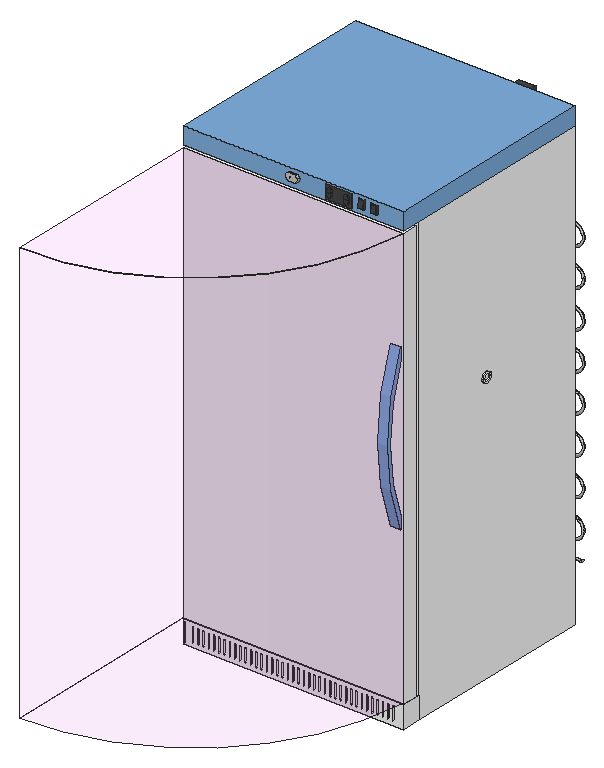
Revit family "QF_Summit_ARS8PV_Pharma_Vac_All_Refrigerator", category Specialty Equipment, Revit 2020 (continued)
Automatic sketch dimensions
  Split face 5 sketch curve to Split face 5 sketch curve = 0.02829"
  Split face 5 sketch curve to Split face 5 sketch curve = 0.05231"
  Split face 5 sketch curve to Split face 5 sketch curve = 0.02169"
  Split face 5 sketch curve to Split face 5 sketch curve = 0.02759"
  Split face 5 sketch curve to Split face 5 sketch curve = 0.00044"
  Split face 5 sketch curve to Split face 5 sketch curve = 0.05698"
  Split face 5 sketch curve to Split face 5 sketch curve = 0.02956"
  Split face 5 sketch curve to Split face 5 sketch curve = 0.01975"
  Split face 5 sketch curve to Split face 5 sketch curve = 0.03754"
  Split face 5 sketch curve to Split face 5 sketch curve = 0"  (x5)
  Split face 5 sketch curve to Split face 5 sketch curve = 0.0171"
  Split face 5 sketch curve to Split face 5 sketch curve = 0.12547"
  Split face 5 sketch curve to Split face 5 sketch curve = 0.03468"
  Split face 6 sketch curve to Extrusion 2 = 0.84328"
  Split face 6 sketch curve to Extrusion 2 = 3.51723"
  Split face 7 sketch curve to Extrusion 2 = 0.83375"
  Split face 7 sketch curve to Extrusion 2 = 3.9256"
  Split face 7 sketch curve to Split face 7 sketch curve = 0.02781"
  Split face 7 sketch curve to Split face 7 sketch curve = 0.03195"
  Split face 7 sketch curve to Split face 7 sketch curve = 0.05651"
  Split face 7 sketch curve to Split face 7 sketch curve = 0.0705"
  Split face 7 sketch curve to Split face 7 sketch curve = 0.0326"
  Split face 7 sketch curve to Split face 7 sketch curve = 0.03942"
  Split face 7 sketch curve to Extrusion 2 = 0.47311"
  Split face 8 sketch curve to Extrusion 2 = 0.47576"
  Split face 8 sketch curve to Extrusion 2 = 4.45929"
  Split face 8 sketch curve to Split face 8 sketch curve = 0.03195"
  Split face 8 sketch curve to Split face 8 sketch curve = 0.03942"
  Split face 8 sketch curve to Split face 8 sketch curve = 0.06686"
  Split face 8 sketch curve to Split face 8 sketch curve = 0.06108"
  Split face 8 sketch curve to Split face 8 sketch curve = 0.00386"
  Split face 8 sketch curve to Split face 8 sketch curve = 0.0281"
  Split face 8 sketch curve to Split face 8 sketch curve = 0.03736"
  Split face 8 sketch curve to Split face 8 sketch curve = 0.01483"
  Split face 8 sketch curve to Split face 8 sketch curve = 0.04944"
  Split face 8 sketch curve to Split face 8 sketch curve = 0.07229"
  Split face 8 sketch curve to Split face 8 sketch curve = 0.07649"
  Split face 8 sketch curve to Split face 8 sketch curve = 0.16571"
  Split face 8 sketch curve to Split face 8 sketch curve = 0.11591"
  Split face 8 sketch curve to Split face 8 sketch curve = 0.09007"
  Split face 8 sketch curve to Split face 8 sketch curve = 0.05683"
  Split face 8 sketch curve to Split face 8 sketch curve = 0.18959"
  Split face 8 sketch curve to Split face 8 sketch curve = 0.02222"
  Split face 8 sketch curve to Split face 8 sketch curve = 0.0095"
  Split face 8 sketch curve to Split face 8 sketch curve = 0.02188"
  Split face 8 sketch curve to Split face 8 sketch curve = 0"
  Split face 8 sketch curve to Split face 8 sketch curve = 0.02021"
  Split face 8 sketch curve to Split face 8 sketch curve = 0.1054"
  Extrusion 16 sketch curve to Extrusion 1 = 1.88463"  (x3)
  Extrusion 16 sketch curve to Extrusion 1 = 1.81758"  (x3)
  Extrusion 1 to Extrusion 16 sketch curve = 10.62569"  (x2)
  Extrusion 16 sketch curve to Extrusion 16 sketch curve = 12"  (x2)
  Extrusion 1 to Extrusion 16 sketch curve = 6.74931"  (x2)
  plane 16 to Sweep 17 sketch curve = 0.99524"
  plane 16 to Sweep 17 sketch curve = 0.9955"
  plane 16 to Sweep 17 sketch curve = 0.99909"
  plane 16 to Sweep 17 sketch curve = 1"
  plane 16 to Sweep 17 sketch curve = 1.00025"
  plane 16 to Sweep 17 sketch curve = 1.01275"
  plane 16 to Sweep 17 sketch curve = 1.03006"
  plane 16 to Sweep 17 sketch curve = 1.06016"
  Sweep 17 sketch curve to plane 17 = 1.03401"
  Sweep 17 sketch curve to plane 17 = 1.01809"
  Sweep 17 sketch curve to plane 17 = 1.01668"
  Sweep 17 sketch curve to plane 17 = 1.01609"
  Sweep 17 sketch curve to plane 17 = 1.01065"
  Sweep 17 sketch curve to plane 17 = 1.00037"
  Sweep 17 sketch curve to plane 17 = 1"
  Sweep 17 sketch curve to plane 17 = 0.99956"
  plane 9 "Base Height" to Sweep 17 sketch curve = 5.26475"
  Sweep 17 sketch curve to Sweep 17 sketch curve = 1"  (x16)
  Sweep 17 sketch curve to plane 16 = 0.01595"
  Sweep 17 sketch curve to plane 17 = 0.00091"
  Sweep 17 sketch curve to profile plane = 3/32"
  plane 1 "BACK" to Sweep 17 sketch curve = 3/32"
  Extrusion 18 sketch curve to Extrusion 18 sketch curve = 0"  (x2)
  Extrusion 1 to Extrusion 18 sketch curve = 8 3/4"
  Extrusion 1 to Extrusion 18 sketch curve = 18 5/8"
  Extrusion 2 to Extrusion 19 sketch curve = 1/4"  (x2)
  Extrusion 19 sketch curve to Extrusion 2 = 6 3/4"
  Extrusion 19 sketch curve to Extrusion 19 sketch curve = 1 3/4"
  Extrusion 20 sketch curve to plane 4 "RIGHT" = 0"
  plane 5 "FRONT" to Extrusion 20 sketch curve = 0"
  plane 4 "RIGHT" to Extrusion 20 sketch curve = 0.04959"
  Extrusion 20 sketch curve to plane 3 "LEFT" = 0.00218"
  Extrusion 20 sketch curve to plane 13 = 0.61036"
  Split face 9 sketch curve to Extrusion 2 = 0.77404"
  Split face 9 sketch curve to Extrusion 2 = 2.1833"
  Split face 9 sketch curve to Split face 9 sketch curve = 0.00447"
  Split face 9 sketch curve to Split face 9 sketch curve = 0.02913"
  Split face 9 sketch curve to Split face 9 sketch curve = 0.06885"
  Split face 9 sketch curve to Split face 9 sketch curve = 0.05632"
  Split face 9 sketch curve to Split face 9 sketch curve = 0.04342"
  Split face 9 sketch curve to Split face 9 sketch curve = 0.04721"
  Split face 9 sketch curve to Split face 9 sketch curve = 0.049"
  Split face 9 sketch curve to Split face 9 sketch curve = 0.02401"
  Split face 9 sketch curve to Split face 9 sketch curve = 0.00357"
  Split face 9 sketch curve to Split face 9 sketch curve = 0.00602"
  Split face 9 sketch curve to Split face 9 sketch curve = 0.03286"
  Split face 9 sketch curve to Split face 9 sketch curve = 0.00635"
  Split face 9 sketch curve to Split face 9 sketch curve = 0.04385"
  Split face 9 sketch curve to Split face 9 sketch curve = 0.03341"
  Split face 9 sketch curve to Split face 9 sketch curve = 0.02357"
  Split face 9 sketch curve to Split face 9 sketch curve = 0.02858"
  Split face 9 sketch curve to Split face 9 sketch curve = 0.04277"
  Split face 9 sketch curve to Split face 9 sketch curve = 0.00063"
  Split face 9 sketch curve to Split face 9 sketch curve = 0.02096"
  Split face 9 sketch curve to Split face 9 sketch curve = 0.02263"
  Split face 9 sketch curve to Split face 9 sketch curve = 0.02829"
  Split face 9 sketch curve to Split face 9 sketch curve = 0.05231"
  Split face 9 sketch curve to Split face 9 sketch curve = 0.02169"
  Split face 9 sketch curve to Split face 9 sketch curve = 0.02759"
  Split face 9 sketch curve to Split face 9 sketch curve = 0.00044"
  Split face 9 sketch curve to Split face 9 sketch curve = 0.05698"
  Split face 9 sketch curve to Split face 9 sketch curve = 0.02956"
  Split face 9 sketch curve to Split face 9 sketch curve = 0.01975"
  Split face 9 sketch curve to Split face 9 sketch curve = 0.03754"
  Split face 9 sketch curve to Split face 9 sketch curve = 0"  (x5)
  Split face 9 sketch curve to Split face 9 sketch curve = 0.0171"
  Split face 9 sketch curve to Split face 9 sketch curve = 0.12547"
  Split face 9 sketch curve to Split face 9 sketch curve = 0.03468"
  Extrusion 15 to Split face 10 sketch curve = 0.01468"
  Extrusion 15 to Split face 10 sketch curve = 0.18593"
  Extrusion 21 sketch curve to Extrusion 1 = 0"  (x3)
  Extrusion 21 sketch curve to Extrusion 1 = 1/16"
  Extrusion 1 to Extrusion 21 sketch curve = 1/16"  (x2)
  Extrusion 21 sketch curve to Extrusion 21 sketch curve = 2 1/4"
  Extrusion 21 sketch curve to Extrusion 21 sketch curve = 1/16"
  Extrusion 22 sketch curve to Extrusion 21 = 0"  (x4)
  Extrusion 21 to Extrusion 22 sketch curve = 27/32"
  Extrusion 22 sketch curve to Extrusion 22 sketch curve = 3/32"  (x39)
  Extrusion 22 sketch curve to Extrusion 22 sketch curve = 3/8"  (x38)
  Extrusion 21 to Extrusion 22 sketch curve = 13/32"  (x39)
  Extrusion 21 to Extrusion 22 sketch curve = 17/32"  (x38)
  Extrusion 22 sketch curve to Extrusion 22 sketch curve = 0"
  Split face 11 sketch curve to Extrusion 2 = 0.83997"
  Split face 11 sketch curve to Extrusion 2 = 3.64781"
  Split face 11 sketch curve to Split face 11 sketch curve = 0.06553"  (x2)
  Split face 11 sketch curve to Extrusion 2 = 0.92487"
  Split face 11 sketch curve to Extrusion 2 = 0.76415"
  Split face 11 sketch curve to Split face 11 sketch curve = 0.06283"
  Split face 11 sketch curve to Extrusion 2 = 0.91058"
  Split face 11 sketch curve to Split face 11 sketch curve = 0.06491"
  Split face 11 sketch curve to Split face 11 sketch curve = 0.06473"
  Split face 11 sketch curve to Extrusion 2 = 0.7991"
  Split face 11 sketch curve to Split face 11 sketch curve = 0.06777"
  Split face 11 sketch curve to Extrusion 2 = 0.7276"
  Split face 11 sketch curve to Split face 11 sketch curve = 0.00013"
  Split face 11 sketch curve to Extrusion 2 = 0.83901"
  Split face 11 sketch curve to Split face 11 sketch curve = 0.06536"
  Split face 11 sketch curve to Split face 11 sketch curve = 0.03835"
  Split face 11 sketch curve to Split face 11 sketch curve = 0.03528"
  Split face 11 sketch curve to Split face 11 sketch curve = 0.03387"
  Split face 11 sketch curve to Split face 11 sketch curve = 0.07234"
  Split face 11 sketch curve to Split face 11 sketch curve = 0.07543"
  Split face 12 sketch curve to Extrusion 2 = 0.69981"
  Split face 12 sketch curve to Extrusion 2 = 4.22664"
  Split face 12 sketch curve to Split face 12 sketch curve = 0.1447"
  Extrusion 23 sketch curve to plane 5 "FRONT" = 0"  (x2)
  Extrusion 23 sketch curve to plane 12 = 4.41125"
  Extrusion 23 sketch curve to plane 12 = 1.87509"
  plane 9 "Base Height" to Extrusion 23 sketch curve = 19"
  Extrusion 23 sketch curve to Extrusion 23 sketch curve = 1 1/4"
  Extrusion 23 sketch curve to Extrusion 23 sketch curve = 7 1/2"
  Extrusion 23 sketch curve to Extrusion 23 sketch curve = 0"
  Extrusion 24 sketch curve to plane 3 "LEFT" = 0"
  plane 5 "FRONT" to Extrusion 24 sketch curve = 0"
  Extrusion 24 sketch curve to plane 3 "LEFT" = 0.04959"
  plane 4 "RIGHT" to Extrusion 24 sketch curve = 0.00218"
  plane 13 to Extrusion 24 sketch curve = 0.61036"
  Extrusion 25 sketch curve to plane 5 "FRONT" = 0"  (x2)
  Extrusion 25 sketch curve to plane 12 = 4.41125"
  Extrusion 25 sketch curve to plane 12 = 1.87509"
  Extrusion 25 sketch curve to plane 11 = 11 1/8"
  Extrusion 25 sketch curve to Extrusion 25 sketch curve = 1 1/4"
  Extrusion 25 sketch curve to plane 11 = 19 7/8"
  Extrusion 25 sketch curve to Extrusion 25 sketch curve = 0"
  radius of Extrusion 5 sketch curve = 1/4"
  radius of Split face 6 sketch curve = 0.26828"
  radius of Extrusion 16 sketch curve = 1/4"  (x6)
  radius of Sweep 17 sketch curve = 3/32"
  radius of Extrusion 18 sketch curve = 1/2"
  radius of Extrusion 18 sketch curve = 13/32"
  radius of Split face 10 sketch curve = 0.18692"
Connectors (in)
  electrical at (20.85407, -1.4375, 3.45918), driven by "Volts"
    settings: on Extrusion 5, index 1, voltage 115 V, apparent load 0 VA, apparent load phase1 0 VA, apparent load phase2 0 VA, apparent load phase3 0 VA, power factor 1, load classification "Other", number of poles 1, system type 30, power factor state 1, is connector primary yes, connector utility no, sub classification motor no, connector description "Electrical Connection"
